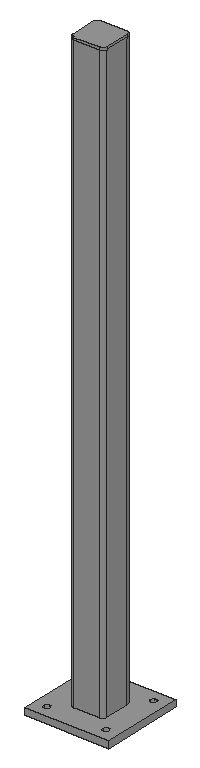
Revit family "Palmshield-Palisade-Horizon-Post", category Specialty Equipment, Revit 2026
Family settings
  Round Connector Dimension = Use Diameter
  Part Type = Normal
  Classification Number = 23.55.00.00
  Work Plane-Based = No
  Enable Cutting in Views = No
  Always vertical = No
  Cut with Voids When Loaded = No
  Maintain Annotation Orientation = No
  Shared = No
  Room Calculation Point = No
Parameters (values of type "Assembly")
  Warranty URL = "https://palmshieldlouvers.com/wp-content/uploads/2020/01/PalmSHIELD-Warranty-NO-SIGN-LINE.pdf"
  Version = "2020 - v1.0a"  # constant formula
  URL = "https://palmshieldlouvers.com/"
  Product Page URL = "https://palmshieldlouvers.com/products/palisade-louvers/"
  Product Documentation Link = "https://palmshieldlouvers.com/cad-drawings/palisade-louvers/"
  Model = "Palisade"  # constant formula
  Material = Metal - PalmSHIELD - Dusty Grey
  Manufacturer Phone Number = "531-329-4406 "  # constant formula
  Manufacturer Email = "mailto: info@palmshieldlouvers.com"
  Manufacturer Address = "12330 Cary Circle, La Vista, NE 68128"  # constant formula
  Manufacturer = "PalmSHIELD"  # constant formula
  Keynote = "05 10 00"
  Instruction Sheet Link = "Consult Manufacturer Website for More Information"
  ID [instance] = "Not Assigned"
  Height [instance] = if(Desired Overall Height < C Min Height, C Min Height, if(Desired Overall Height > C Max Height, C Max Height, Desired Overall Height))  # 6' - 0"
  Desired Overall Height [instance] = 6' - 0"
  Description = "Palisade - Square Post"  # constant formula
  Default Elevation = 0' - 0"
  Copyright = "Copyright ©2024 The American Fence Company and PalmSHIELD. All Rights Reserved."  # constant formula
  Component Vis [instance] = yes
  Component Name [instance] = "Palisade - Square Post"  # constant formula
  C Post Width = 0' - 4"  # constant formula
  C Min Height [instance] = 3' - 4"  # constant formula
  C Max Height [instance] = 8' - 0"  # constant formula
  Assembly Code = "F1020100"
Reference planes (in)
  plane 1 "Center (Front/Back)": y = 0
  plane 2: z = 0
  plane 3 "Center (Left/Right)": x = 0
  plane 4: z = 72
  plane 5: y = 2
  plane 6: y = -2
  plane 7: x = 2
  plane 8: x = -2
Lines and regions (in)
  reference lines
    curve 1: line (-24.29961, 0, 72) -> (24.70039, 0, 72)
Dimensions and locks (in)
  "Desired Overall Height": curve 1 to plane 2
  "Height": plane 4 to plane 2
  equal spacing: plane 8, plane 3 "Center (Left/Right)", plane 7
  equal spacing: plane 5, plane 1 "Center (Front/Back)", plane 6
  "C Post Width": plane 5 to plane 6
  "C Post Width": plane 8 to plane 7
  aligned and locked: plane 2 to level
Automatic sketch dimensions
  curve 1 to plane 8 = 1' - 10.29961"
  curve 1 to plane 7 = 1' - 10.70039"
Nested families (in)
  nested 1: "Post-Palmshield-Assembly-Palisade" at (0, 0, 0), Desired Overall Height <- "Desired Overall Height", ID <- "ID", Component Vis <- "Component Vis", type "Assembly"
    with Overall Height 6' - 0", ID "Not Assigned", Desired Overall Height 6' - 0", Component Vis yes, Component Name "Atlas - Post Assembly"
  nested 2: "Nested-Base_Plate-Palmshield-Palisade" at (0, 0, 0), type "10" x 10" x 3/4""
    with Material Metal - PalmSHIELD - Dusty Grey, ID "Not Assigned", Component Name "Atlas - Base Plate"
  nested 3: "Nested-Square_Post-Palmshield-Palisade" at (0, 0, 0.75), type "TS 4" X 4" X 1/4""
    with Material Metal - PalmSHIELD - Dusty Grey, Length 5' - 11", ID "Not Assigned", Component Name "Atlas - Square Post"
  nested 4: "Nested-Top_Cap-Palmshield-Palisade" at (0, 0, 71.75), type "4" x 4" x 1/4""
    with Material Metal - PalmSHIELD - Dusty Grey, ID "Not Assigned", Component Name "Atlas - Post Cap"
Definition of nested family "Nested-Base_Plate-Palmshield-Palisade"
  Parameters (values of type "10" x 10" x 3/4"")
    Width = 0' - 10"  # constant formula
    Warranty URL = "https://palmshieldlouvers.com/wp-content/uploads/2020/01/PalmSHIELD-Warranty-NO-SIGN-LINE.pdf"
    Version = "2020 - v1.0a"  # constant formula
    URL = "https://palmshieldlouvers.com/"
    Thickness = 0' - 0 3/4"  # constant formula
    Product Page URL = "https://palmshieldlouvers.com/products/palisade-louvers/"
    Product Documentation Link = "https://palmshieldlouvers.com/cad-drawings/palisade-louvers/"
    Model = "Palisade"  # constant formula
    Material [instance] = none
    Manufacturer Phone Number = "531-329-4406 "  # constant formula
    Manufacturer Fax Number = "Consult Manufacturer Website for More Information"  # constant formula
    Manufacturer Email = "mailto: info@palmshieldlouvers.com"
    Manufacturer Address = "12330 Cary Circle, La Vista, NE 68128"  # constant formula
    Manufacturer = "PalmSHIELD"  # constant formula
    Keynote = "05 10 00"
    ID [instance] = ""
    Hole Diameter = 0' - 0 3/4"  # constant formula
    Description = "Palisade - Base Plate"  # constant formula
    Default Elevation = 4' - 0"
    Copyright = "©2023 The American Fence Company and PalmSHIELD. All Rights Reserved."  # constant formula
    Component Name [instance] = ""
    C Hole Offset = 0' - 1 1/2"  # constant formula
    Assembly Code = "F1020100"
  Reference planes (in)
    plane 1 "Center (Front/Back)": y = 0
    plane 2: z = 0
    plane 3 "Center (Left/Right)": x = 0
    plane 4: y = 5
    plane 5: x = 5
    plane 6: y = -5
    plane 7: x = -5
    plane 8: z = 0.75
  Forms (in)
    Extrusion 1, solid
      sketch origin (0, 0, 0) x (1, 0, 0) y (0, 1, 0)
        loop
          line (-48, 48) -> (-48, -48) -> (48, -48) -> (48, 48) -> (-48, 48)
      from 0 to -12
    Extrusion 2, solid, material <- "Material"
      sketch origin (0, 0, 0) x (1, 0, 0) y (0, 1, 0)
        loop
          line (-5, 5) -> (-5, -5) -> (5, -5) -> (5, 5) -> (-5, 5)
        loop
          circle (-3.5, 3.5) r 0.375
        loop
          circle (3.5, 3.5) r 0.375
        loop
          circle (-3.5, -3.5) r 0.375
        loop
          circle (3.5, -3.5) r 0.375
      from 0 to 0.75
  Dimensions and locks (in)
    equal spacing: plane 7, plane 3 "Center (Left/Right)", plane 5
    equal spacing: plane 4, plane 1 "Center (Front/Back)", plane 6
    "Width": plane 7 to plane 5
    "Width": plane 4 to plane 6
    "C Hole Offset": plane 7 to Extrusion 2 sketch curve  (x2)
    "C Hole Offset": Extrusion 2 sketch curve to plane 5  (x2)
    "C Hole Offset": plane 4 to Extrusion 2 sketch curve  (x2)
    "C Hole Offset": plane 6 to Extrusion 2 sketch curve  (x2)
    "Thickness": plane 8 to plane 2
    "Hole Diameter": diameter of Extrusion 2 sketch curve  (x4)
    aligned and locked: plane 2 to Extrusion 1
    aligned and locked: level to Extrusion 1
    aligned and locked: Extrusion 2 sketch curve to plane 4
    aligned and locked: plane 7 to Extrusion 2 sketch curve
    aligned and locked: Extrusion 2 sketch curve to plane 6
    aligned and locked: Extrusion 2 sketch curve to plane 5
    aligned and locked: plane 8 to Extrusion 2
  Automatic sketch dimensions
    Extrusion 1 sketch curve to Extrusion 1 sketch curve = 8' - 0"  (x2)
Definition of nested family "Nested-Square_Post-Palmshield-Palisade"
  Parameters (values of type "TS 4" X 4" X 1/4"")
    Width = 0' - 4"  # constant formula
    Warranty URL = "https://palmshieldlouvers.com/wp-content/uploads/2020/01/PalmSHIELD-Warranty-NO-SIGN-LINE.pdf"
    Version = "2020 - v1.0a"  # constant formula
    URL = "https://palmshieldlouvers.com/"
    Thickness = 0' - 0 1/4"  # constant formula
    Product Page URL = "https://palmshieldlouvers.com/products/palisade-louvers/"
    Product Documentation Link = "https://palmshieldlouvers.com/cad-drawings/palisade-louvers/"
    Model = "Palisade"  # constant formula
    Material [instance] = none
    Manufacturer Phone Number = "531-329-4406 "  # constant formula
    Manufacturer Fax Number = "Consult Manufacturer Website for More Information"  # constant formula
    Manufacturer Email = "mailto: info@palmshieldlouvers.com"
    Manufacturer Address = "12330 Cary Circle, La Vista, NE 68128"  # constant formula
    Manufacturer = "PalmSHIELD"  # constant formula
    Length [instance] = 4' - 4.86713"
    Keynote = "05 10 00"
    ID [instance] = ""
    Description = "Palisade - Post"  # constant formula
    Default Elevation = 4' - 0"
    Copyright = "©2023 The American Fence Company and PalmSHIELD. All Rights Reserved."  # constant formula
    Component Name [instance] = ""
    C Hole Offset = 0' - 1 1/2"  # constant formula
    Assembly Code = "F1020100"
  Reference planes (in)
    plane 1 "Center (Front/Back)": y = 0
    plane 2: z = 0
    plane 3 "Center (Left/Right)": x = 0
    plane 4: z = 52.86713
    plane 5: x = 2
    plane 6: x = -2
  Forms (in)
    Extrusion 1, solid
      sketch origin (0, 0, 0) x (1, 0, 0) y (0, 1, 0)
        loop
          line (-48, 48) -> (-48, -48) -> (48, -48) -> (48, 48) -> (-48, 48)
      from 0 to -12
    Sweep 2, solid, material <- "Material"
      path origin (0, 0, 0) x (0, 1, 0) y (0, 0, 1)
        loop
          line (0, 0) -> (0, 52.86713)
      profile "Profile-Palmshield-Square : TS 4" X 4" X 1/4"" origin (0, 0, 26.43357) x (0, -1, 0) y (1, 0, 0)
        loop
          arc (1.75, 1.5) -> (1.67678, 1.67678) -> (1.5, 1.75) r 0.25
          line (1.5, 1.75) -> (-1.5, 1.75)
          arc (-1.5, 1.75) -> (-1.67678, 1.67678) -> (-1.75, 1.5) r 0.25
          line (-1.75, 1.5) -> (-1.75, -1.5)
          arc (-1.75, -1.5) -> (-1.67678, -1.67678) -> (-1.5, -1.75) r 0.25
          line (-1.5, -1.75) -> (1.5, -1.75)
          arc (1.5, -1.75) -> (1.67678, -1.67678) -> (1.75, -1.5) r 0.25
          line (1.75, -1.5) -> (1.75, 1.5)
        loop
          arc (-2, -1.5) -> (-1.85355, -1.85355) -> (-1.5, -2) r 0.5
          line (-1.5, -2) -> (1.5, -2)
          arc (1.5, -2) -> (1.85355, -1.85355) -> (2, -1.5) r 0.5
          line (2, -1.5) -> (2, 1.5)
          arc (2, 1.5) -> (1.85355, 1.85355) -> (1.5, 2) r 0.5
          line (1.5, 2) -> (-1.5, 2)
          arc (-1.5, 2) -> (-1.85355, 1.85355) -> (-2, 1.5) r 0.5
          line (-2, 1.5) -> (-2, -1.5)
  Dimensions and locks (in)
    "Length": plane 4 to plane 2
    equal spacing: plane 5, plane 3 "Center (Left/Right)", plane 6
    "Width": plane 5 to plane 6
    aligned and locked: plane 2 to Extrusion 1
    aligned and locked: level to Extrusion 1
    aligned and locked: plane 1 "Center (Front/Back)" to Sweep 2 sketch curve
    aligned and locked: plane 4 to Sweep 2 sketch curve
  Automatic sketch dimensions
    Extrusion 1 sketch curve to Extrusion 1 sketch curve = 8' - 0"  (x2)
    Sweep 2 sketch curve to level = 0' - 0"
Definition of nested family "Nested-Top_Cap-Palmshield-Palisade"
  Parameters (values of type "4" x 4" x 1/4"")
    Width = 0' - 4"  # constant formula
    Warranty URL = "https://palmshieldlouvers.com/wp-content/uploads/2020/01/PalmSHIELD-Warranty-NO-SIGN-LINE.pdf"
    Version = "2020 - v1.0a"  # constant formula
    URL = "https://palmshieldlouvers.com/"
    Thickness = 0' - 0 1/4"  # constant formula
    Product Page URL = "https://palmshieldlouvers.com/products/palisade-louvers/"
    Product Documentation Link = "https://palmshieldlouvers.com/cad-drawings/palisade-louvers/"
    Model = "Palisade"  # constant formula
    Material [instance] = none
    Manufacturer Phone Number = "531-329-4406 "  # constant formula
    Manufacturer Fax Number = "Consult Manufacturer Website for More Information"  # constant formula
    Manufacturer Email = "mailto: info@palmshieldlouvers.com"
    Manufacturer Address = "12330 Cary Circle, La Vista, NE 68128"  # constant formula
    Manufacturer = "PalmSHIELD"  # constant formula
    Keynote = "05 10 00"
    ID [instance] = ""
    Description = "Palisade - Top Cap"  # constant formula
    Default Elevation = 4' - 0"
    Copyright = "©2023 The American Fence Company and PalmSHIELD. All Rights Reserved."  # constant formula
    Component Name [instance] = ""
    Assembly Code = "F1020100"
  Reference planes (in)
    plane 1 "Center (Front/Back)": y = 0
    plane 2: z = 0
    plane 3 "Center (Left/Right)": x = 0
    plane 4: y = 2
    plane 5: x = 2
    plane 6: y = -2
    plane 7: x = -2
    plane 8: z = 0.25
  Forms (in)
    Extrusion 1, solid
      sketch origin (0, 0, 0) x (1, 0, 0) y (0, 1, 0)
        loop
          line (-48, 48) -> (-48, -48) -> (48, -48) -> (48, 48) -> (-48, 48)
      from 0 to -12
    Extrusion 2, solid, material <- "Material"
      sketch origin (0, 0, 0) x (1, 0, 0) y (0, 1, 0)
        loop
          arc (-1.5, 2) -> (-1.85355, 1.85355) -> (-2, 1.5) r 0.5
          line (-2, 1.5) -> (-2, -1.5)
          arc (-2, -1.5) -> (-1.85355, -1.85355) -> (-1.5, -2) r 0.5
          line (-1.5, -2) -> (1.5, -2)
          arc (1.5, -2) -> (1.85355, -1.85355) -> (2, -1.5) r 0.5
          line (2, -1.5) -> (2, 1.5)
          arc (2, 1.5) -> (1.85355, 1.85355) -> (1.5, 2) r 0.5
          line (1.5, 2) -> (-1.5, 2)
      from 0 to 0.25
  Dimensions and locks (in)
    equal spacing: plane 7, plane 3 "Center (Left/Right)", plane 5
    equal spacing: plane 4, plane 1 "Center (Front/Back)", plane 6
    "Width": plane 7 to plane 5
    "Width": plane 4 to plane 6
    "Thickness": plane 8 to plane 2
    aligned and locked: plane 2 to Extrusion 1
    aligned and locked: level to Extrusion 1
    aligned and locked: Extrusion 2 sketch curve to plane 4
    aligned and locked: plane 7 to Extrusion 2 sketch curve
    aligned and locked: Extrusion 2 sketch curve to plane 6
    aligned and locked: Extrusion 2 sketch curve to plane 5
    aligned and locked: plane 8 to Extrusion 2
  Automatic sketch dimensions
    Extrusion 1 sketch curve to Extrusion 1 sketch curve = 8' - 0"  (x2)
    Extrusion 2 sketch curve to Extrusion 2 sketch curve = 0' - 0 1/2"
    Extrusion 2 sketch curve to plane 5 = 0' - 0 1/2"
    Extrusion 2 sketch curve to plane 6 = 0' - 0 1/2"
    plane 7 to Extrusion 2 sketch curve = 0' - 0 1/2"
Definition of nested family "Post-Palmshield-Assembly-Palisade"
  Parameters (values of type "Default")
    Width = 0' - 4"  # constant formula
    Warranty URL = "https://palmshieldlouvers.com/wp-content/uploads/2020/01/PalmSHIELD-Warranty-NO-SIGN-LINE.pdf"
    Version = "2020 - v1.0a"  # constant formula
    URL = "https://palmshieldlouvers.com/"
    Top Cap Thickness = 0' - 0 1/4"  # constant formula
    Product Page URL = "https://palmshieldlouvers.com/products/palisade-louvers/"
    Product Documentation Link = "http://palmshieldlouvers.com/wp-content/uploads/2022/01/Palisade-Horizon-Industrial-Alternating-Technical-Data-Sheet.pdf"
    Overall Height [instance] = if(Desired Overall Height < 3' 0", 3' 0", if(Desired Overall Height > 12' 0", 12' 0", Desired Overall Height))  # 6' - 8"
    Model = "Palisade - Post Assembly"  # constant formula
    Material = none
    Manufacturer Phone Number = "531-329-4406 "  # constant formula
    Manufacturer Fax Number = "Consult Manufacturer Website for More Information"  # constant formula
    Manufacturer Email = "mailto: info@palmshieldlouvers.com"
    Manufacturer Address = "12330 Cary Circle, La Vista, NE 68128"  # constant formula
    Manufacturer = "PalmSHIELD"  # constant formula
    Keynote = "05 10 00"
    ID [instance] = "Not Assigned"
    Desired Overall Height [instance] = 6' - 8"
    Description = "Palisade - Post Assembly"  # constant formula
    Default Elevation = 4' - 0"
    Copyright = "©2023 The American Fence Company and PalmSHIELD. All Rights Reserved."  # constant formula
    Component Vis [instance] = yes
    Component Name [instance] = "Atlas - Post Assembly"  # constant formula
    Base Plate Thickness = 0' - 0 3/4"  # constant formula
    Assembly Code = "F1020100"
  Reference planes (in)
    plane 1 "Center (Front/Back)": y = 0
    plane 2: z = 0
    plane 3 "Center (Left/Right)": x = 0
    plane 4: x = 2
    plane 5: x = -2
    plane 6: z = 80
    plane 7: z = 79.75
  Forms (in)
    Extrusion 1, solid
      sketch origin (0, 0, 0) x (1, 0, 0) y (0, 1, 0)
        loop
          line (-48, 48) -> (-48, -48) -> (48, -48) -> (48, 48) -> (-48, 48)
      from 0 to -12
  Lines and regions (in)
    reference lines
      curve 1: line (-64.16684, 0, 80) -> (79.83316, 0, 80)
  Dimensions and locks (in)
    equal spacing: plane 4, plane 3 "Center (Left/Right)", plane 5
    "Width": plane 4 to plane 5
    "Top Cap Thickness": plane 6 to plane 7
    "Desired Overall Height": curve 1 to plane 2
    "Overall Height": plane 6 to plane 2
    aligned and locked: plane 2 to Extrusion 1
    aligned and locked: level to Extrusion 1
    aligned and locked: plane 3 "Center (Left/Right)" to nested 1
    aligned and locked: plane 1 "Center (Front/Back)" to nested 1
    aligned and locked: plane 7 to nested 2
    aligned and locked: nested 2 to nested 3
    aligned and locked: plane 1 "Center (Front/Back)" to nested 3
    aligned and locked: plane 3 "Center (Left/Right)" to nested 2
    aligned and locked: plane 1 "Center (Front/Back)" to nested 2
  Automatic sketch dimensions
    Extrusion 1 sketch curve to Extrusion 1 sketch curve = 8' - 0"  (x2)
    curve 1 to plane 5 = 5' - 2.16684"
    plane 4 to curve 1 = 6' - 5.83316"
  Nested families (in)
    nested 1: "Nested-Base_Plate-Palmshield-Palisade" at (0, 0, 0), ID <- "ID", Material <- "Material", visible <- "Component Vis", type "10" x 10" x 3/4""
      with Material none, ID "Not Assigned", Component Name "Atlas - Base Plate"
    nested 2: "Nested-Square_Post-Palmshield-Palisade" at (0, 0, 0.75), ID <- "ID", Material <- "Material", visible <- "Component Vis", type "TS 4" X 4" X 1/4""
      with Material none, Length 6' - 7", ID "Not Assigned", Component Name "Atlas - Square Post"
    nested 3: "Nested-Top_Cap-Palmshield-Palisade" at (0, 0, 79.75), ID <- "ID", Material <- "Material", visible <- "Component Vis", type "4" x 4" x 1/4""
      with Material none, ID "Not Assigned", Component Name "Atlas - Post Cap"
  Definition of nested family "Nested-Base_Plate-Palmshield-Palisade"
    Parameters (values of type "10" x 10" x 3/4"")
      Width = 0' - 10"  # constant formula
      Warranty URL = "https://palmshieldlouvers.com/wp-content/uploads/2020/01/PalmSHIELD-Warranty-NO-SIGN-LINE.pdf"
      Version = "2020 - v1.0a"  # constant formula
      URL = "https://palmshieldlouvers.com/"
      Thickness = 0' - 0 3/4"  # constant formula
      Product Page URL = "https://palmshieldlouvers.com/products/palisade-louvers/"
      Product Documentation Link = "https://palmshieldlouvers.com/cad-drawings/palisade-louvers/"
      Model = "Palisade"  # constant formula
      Material [instance] = none
      Manufacturer Phone Number = "531-329-4406 "  # constant formula
      Manufacturer Fax Number = "Consult Manufacturer Website for More Information"  # constant formula
      Manufacturer Email = "mailto: info@palmshieldlouvers.com"
      Manufacturer Address = "12330 Cary Circle, La Vista, NE 68128"  # constant formula
      Manufacturer = "PalmSHIELD"  # constant formula
      Keynote = "05 10 00"
      ID [instance] = ""
      Hole Diameter = 0' - 0 3/4"  # constant formula
      Description = "Palisade - Base Plate"  # constant formula
      Default Elevation = 4' - 0"
      Copyright = "©2023 The American Fence Company and PalmSHIELD. All Rights Reserved."  # constant formula
      Component Name [instance] = ""
      C Hole Offset = 0' - 1 1/2"  # constant formula
      Assembly Code = "F1020100"
    Reference planes (in)
      plane 1 "Center (Front/Back)": y = 0
      plane 2: z = 0
      plane 3 "Center (Left/Right)": x = 0
      plane 4: y = 5
      plane 5: x = 5
      plane 6: y = -5
      plane 7: x = -5
      plane 8: z = 0.75
    Forms (in)
      Extrusion 1, solid
        sketch origin (0, 0, 0) x (1, 0, 0) y (0, 1, 0)
          loop
            line (-48, 48) -> (-48, -48) -> (48, -48) -> (48, 48) -> (-48, 48)
        from 0 to -12
      Extrusion 2, solid, material <- "Material"
        sketch origin (0, 0, 0) x (1, 0, 0) y (0, 1, 0)
          loop
            line (-5, 5) -> (-5, -5) -> (5, -5) -> (5, 5) -> (-5, 5)
          loop
            circle (-3.5, 3.5) r 0.375
          loop
            circle (3.5, 3.5) r 0.375
          loop
            circle (-3.5, -3.5) r 0.375
          loop
            circle (3.5, -3.5) r 0.375
        from 0 to 0.75
    Dimensions and locks (in)
      equal spacing: plane 7, plane 3 "Center (Left/Right)", plane 5
      equal spacing: plane 4, plane 1 "Center (Front/Back)", plane 6
      "Width": plane 7 to plane 5
      "Width": plane 4 to plane 6
      "C Hole Offset": plane 7 to Extrusion 2 sketch curve  (x2)
      "C Hole Offset": Extrusion 2 sketch curve to plane 5  (x2)
      "C Hole Offset": plane 4 to Extrusion 2 sketch curve  (x2)
      "C Hole Offset": plane 6 to Extrusion 2 sketch curve  (x2)
      "Thickness": plane 8 to plane 2
      "Hole Diameter": diameter of Extrusion 2 sketch curve  (x4)
      aligned and locked: plane 2 to Extrusion 1
      aligned and locked: level to Extrusion 1
      aligned and locked: Extrusion 2 sketch curve to plane 4
      aligned and locked: plane 7 to Extrusion 2 sketch curve
      aligned and locked: Extrusion 2 sketch curve to plane 6
      aligned and locked: Extrusion 2 sketch curve to plane 5
      aligned and locked: plane 8 to Extrusion 2
    Automatic sketch dimensions
      Extrusion 1 sketch curve to Extrusion 1 sketch curve = 8' - 0"  (x2)
  Definition of nested family "Nested-Square_Post-Palmshield-Palisade"
    Parameters (values of type "TS 4" X 4" X 1/4"")
      Width = 0' - 4"  # constant formula
      Warranty URL = "https://palmshieldlouvers.com/wp-content/uploads/2020/01/PalmSHIELD-Warranty-NO-SIGN-LINE.pdf"
      Version = "2020 - v1.0a"  # constant formula
      URL = "https://palmshieldlouvers.com/"
      Thickness = 0' - 0 1/4"  # constant formula
      Product Page URL = "https://palmshieldlouvers.com/products/palisade-louvers/"
      Product Documentation Link = "https://palmshieldlouvers.com/cad-drawings/palisade-louvers/"
      Model = "Palisade"  # constant formula
      Material [instance] = none
      Manufacturer Phone Number = "531-329-4406 "  # constant formula
      Manufacturer Fax Number = "Consult Manufacturer Website for More Information"  # constant formula
      Manufacturer Email = "mailto: info@palmshieldlouvers.com"
      Manufacturer Address = "12330 Cary Circle, La Vista, NE 68128"  # constant formula
      Manufacturer = "PalmSHIELD"  # constant formula
      Length [instance] = 4' - 4.86713"
      Keynote = "05 10 00"
      ID [instance] = ""
      Description = "Palisade - Post"  # constant formula
      Default Elevation = 4' - 0"
      Copyright = "©2023 The American Fence Company and PalmSHIELD. All Rights Reserved."  # constant formula
      Component Name [instance] = ""
      C Hole Offset = 0' - 1 1/2"  # constant formula
      Assembly Code = "F1020100"
    Reference planes (in)
      plane 1 "Center (Front/Back)": y = 0
      plane 2: z = 0
      plane 3 "Center (Left/Right)": x = 0
      plane 4: z = 52.86713
      plane 5: x = 2
      plane 6: x = -2
    Forms (in)
      Extrusion 1, solid
        sketch origin (0, 0, 0) x (1, 0, 0) y (0, 1, 0)
          loop
            line (-48, 48) -> (-48, -48) -> (48, -48) -> (48, 48) -> (-48, 48)
        from 0 to -12
      Sweep 2, solid, material <- "Material"
        path origin (0, 0, 0) x (0, 1, 0) y (0, 0, 1)
          loop
            line (0, 0) -> (0, 52.86713)
        profile "Profile-Palmshield-Square : TS 4" X 4" X 1/4"" origin (0, 0, 26.43357) x (0, -1, 0) y (1, 0, 0)
          loop
            arc (1.75, 1.5) -> (1.67678, 1.67678) -> (1.5, 1.75) r 0.25
            line (1.5, 1.75) -> (-1.5, 1.75)
            arc (-1.5, 1.75) -> (-1.67678, 1.67678) -> (-1.75, 1.5) r 0.25
            line (-1.75, 1.5) -> (-1.75, -1.5)
            arc (-1.75, -1.5) -> (-1.67678, -1.67678) -> (-1.5, -1.75) r 0.25
            line (-1.5, -1.75) -> (1.5, -1.75)
            arc (1.5, -1.75) -> (1.67678, -1.67678) -> (1.75, -1.5) r 0.25
            line (1.75, -1.5) -> (1.75, 1.5)
          loop
            arc (-2, -1.5) -> (-1.85355, -1.85355) -> (-1.5, -2) r 0.5
            line (-1.5, -2) -> (1.5, -2)
            arc (1.5, -2) -> (1.85355, -1.85355) -> (2, -1.5) r 0.5
            line (2, -1.5) -> (2, 1.5)
            arc (2, 1.5) -> (1.85355, 1.85355) -> (1.5, 2) r 0.5
            line (1.5, 2) -> (-1.5, 2)
            arc (-1.5, 2) -> (-1.85355, 1.85355) -> (-2, 1.5) r 0.5
            line (-2, 1.5) -> (-2, -1.5)
    Dimensions and locks (in)
      "Length": plane 4 to plane 2
      equal spacing: plane 5, plane 3 "Center (Left/Right)", plane 6
      "Width": plane 5 to plane 6
      aligned and locked: plane 2 to Extrusion 1
      aligned and locked: level to Extrusion 1
      aligned and locked: plane 1 "Center (Front/Back)" to Sweep 2 sketch curve
      aligned and locked: plane 4 to Sweep 2 sketch curve
    Automatic sketch dimensions
      Extrusion 1 sketch curve to Extrusion 1 sketch curve = 8' - 0"  (x2)
      Sweep 2 sketch curve to level = 0' - 0"
  Definition of nested family "Nested-Top_Cap-Palmshield-Palisade"
    Parameters (values of type "4" x 4" x 1/4"")
      Width = 0' - 4"  # constant formula
      Warranty URL = "https://palmshieldlouvers.com/wp-content/uploads/2020/01/PalmSHIELD-Warranty-NO-SIGN-LINE.pdf"
      Version = "2020 - v1.0a"  # constant formula
      URL = "https://palmshieldlouvers.com/"
      Thickness = 0' - 0 1/4"  # constant formula
      Product Page URL = "https://palmshieldlouvers.com/products/palisade-louvers/"
      Product Documentation Link = "https://palmshieldlouvers.com/cad-drawings/palisade-louvers/"
      Model = "Palisade"  # constant formula
      Material [instance] = none
      Manufacturer Phone Number = "531-329-4406 "  # constant formula
      Manufacturer Fax Number = "Consult Manufacturer Website for More Information"  # constant formula
      Manufacturer Email = "mailto: info@palmshieldlouvers.com"
      Manufacturer Address = "12330 Cary Circle, La Vista, NE 68128"  # constant formula
      Manufacturer = "PalmSHIELD"  # constant formula
      Keynote = "05 10 00"
      ID [instance] = ""
      Description = "Palisade - Top Cap"  # constant formula
      Default Elevation = 4' - 0"
      Copyright = "©2023 The American Fence Company and PalmSHIELD. All Rights Reserved."  # constant formula
      Component Name [instance] = ""
      Assembly Code = "F1020100"
    Reference planes (in)
      plane 1 "Center (Front/Back)": y = 0
      plane 2: z = 0
      plane 3 "Center (Left/Right)": x = 0
      plane 4: y = 2
      plane 5: x = 2
      plane 6: y = -2
      plane 7: x = -2
      plane 8: z = 0.25
    Forms (in)
      Extrusion 1, solid
        sketch origin (0, 0, 0) x (1, 0, 0) y (0, 1, 0)
          loop
            line (-48, 48) -> (-48, -48) -> (48, -48) -> (48, 48) -> (-48, 48)
        from 0 to -12
      Extrusion 2, solid, material <- "Material"
        sketch origin (0, 0, 0) x (1, 0, 0) y (0, 1, 0)
          loop
            arc (-1.5, 2) -> (-1.85355, 1.85355) -> (-2, 1.5) r 0.5
            line (-2, 1.5) -> (-2, -1.5)
            arc (-2, -1.5) -> (-1.85355, -1.85355) -> (-1.5, -2) r 0.5
            line (-1.5, -2) -> (1.5, -2)
            arc (1.5, -2) -> (1.85355, -1.85355) -> (2, -1.5) r 0.5
            line (2, -1.5) -> (2, 1.5)
            arc (2, 1.5) -> (1.85355, 1.85355) -> (1.5, 2) r 0.5
            line (1.5, 2) -> (-1.5, 2)
        from 0 to 0.25
    Dimensions and locks (in)
      equal spacing: plane 7, plane 3 "Center (Left/Right)", plane 5
      equal spacing: plane 4, plane 1 "Center (Front/Back)", plane 6
      "Width": plane 7 to plane 5
      "Width": plane 4 to plane 6
      "Thickness": plane 8 to plane 2
      aligned and locked: plane 2 to Extrusion 1
      aligned and locked: level to Extrusion 1
      aligned and locked: Extrusion 2 sketch curve to plane 4
      aligned and locked: plane 7 to Extrusion 2 sketch curve
      aligned and locked: Extrusion 2 sketch curve to plane 6
      aligned and locked: Extrusion 2 sketch curve to plane 5
      aligned and locked: plane 8 to Extrusion 2
    Automatic sketch dimensions
      Extrusion 1 sketch curve to Extrusion 1 sketch curve = 8' - 0"  (x2)
      Extrusion 2 sketch curve to Extrusion 2 sketch curve = 0' - 0 1/2"
      Extrusion 2 sketch curve to plane 5 = 0' - 0 1/2"
      Extrusion 2 sketch curve to plane 6 = 0' - 0 1/2"
      plane 7 to Extrusion 2 sketch curve = 0' - 0 1/2"
